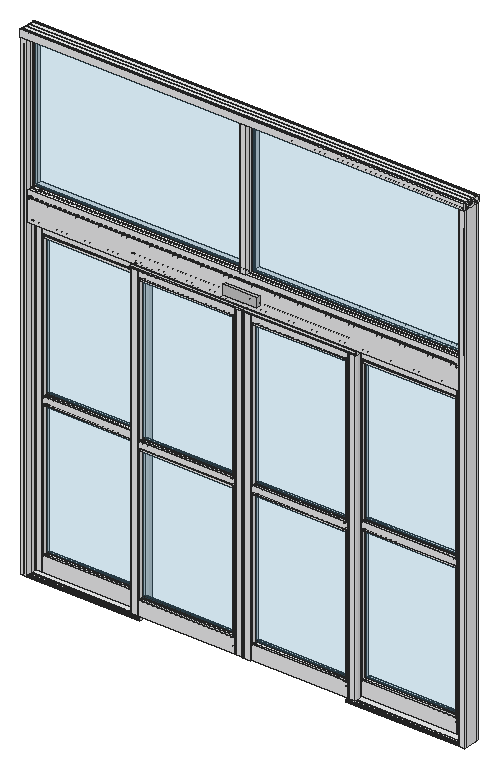
Revit family "2-6-11_Sliding-Door_TX9300SL_Bipart-Inside-Slide-w-Transom-SO-SX-SX-SO_Tormax", category Doors, host Wall, Revit 2026 (continued)
Automatic sketch dimensions
  Sweep 3 sketch curve to Sweep 3 sketch curve = 0' - 0.04932"
  Sweep 3 sketch curve to Sweep 3 sketch curve = 0' - 0.01005"
  Sweep 3 sketch curve to Sweep 3 sketch curve = 0' - 0.07715"
  Sweep 3 sketch curve to Sweep 3 sketch curve = 0' - 0.03086"
  Sweep 3 sketch curve to Sweep 3 sketch curve = 0' - 0.12484"
  Sweep 4 sketch curve to plane 12 = 0' - 0"
  Sweep 4 sketch curve to plane 1 "Center (Front/Back)" = 0' - 2 1/4"
  Sweep 4 sketch curve to profile plane = 0' - 0.12472"
  Sweep 4 sketch curve to Sweep 4 sketch curve = 0' - 0.12617"  (x4)
  Sweep 4 sketch curve to Sweep 4 sketch curve = 0' - 0.22432"  (x2)
  Sweep 4 sketch curve to Sweep 4 sketch curve = 0' - 0.08144"  (x4)
  Sweep 4 sketch curve to Sweep 4 sketch curve = 0' - 0.00293"  (x2)
  Sweep 4 sketch curve to Sweep 4 sketch curve = 0' - 0.04323"
  Sweep 4 sketch curve to Sweep 4 sketch curve = 0' - 0.04616"
  Sweep 4 sketch curve to Sweep 4 sketch curve = 0' - 0.06108"  (x2)
  Sweep 4 sketch curve to Sweep 4 sketch curve = 0' - 0.04812"  (x3)
  Sweep 4 sketch curve to Sweep 4 sketch curve = 0' - 0.05475"  (x3)
  Sweep 4 sketch curve to Sweep 4 sketch curve = 0' - 0.04525"  (x2)
  Sweep 4 sketch curve to Sweep 4 sketch curve = 0' - 0.09429"
  Sweep 4 sketch curve to Sweep 4 sketch curve = 0' - 0.05567"  (x3)
  Sweep 4 sketch curve to profile plane = 0' - 0.37695"  (x2)
  Sweep 4 sketch curve to Sweep 4 sketch curve = 0' - 0.01262"  (x2)
  Sweep 4 sketch curve to profile plane = 0' - 0.22167"  (x2)
  Sweep 4 sketch curve to Sweep 4 sketch curve = 0' - 0.03212"  (x2)
  Sweep 4 sketch curve to Sweep 4 sketch curve = 0' - 0.03356"  (x8)
  Sweep 4 sketch curve to Sweep 4 sketch curve = 0' - 0.03554"  (x3)
  Sweep 4 sketch curve to Sweep 4 sketch curve = 0' - 0.06766"  (x3)
  Sweep 4 sketch curve to profile plane = 0' - 0.35252"  (x2)
  Sweep 4 sketch curve to plane 1 "Center (Front/Back)" = 0' - 1.01125"  (x2)
  Sweep 4 sketch curve to Sweep 4 sketch curve = 0' - 0.12989"  (x2)
  Sweep 4 sketch curve to Sweep 4 sketch curve = 0' - 0.02268"  (x2)
  Sweep 4 sketch curve to Sweep 4 sketch curve = 0' - 0.10221"  (x2)
  Sweep 4 sketch curve to Sweep 4 sketch curve = 0' - 0.10961"  (x2)
  Sweep 4 sketch curve to Sweep 4 sketch curve = 0' - 0.02702"  (x4)
  Sweep 4 sketch curve to Sweep 4 sketch curve = 0' - 0.09386"  (x2)
  Sweep 4 sketch curve to Sweep 4 sketch curve = 0' - 0.06396"  (x2)
  Sweep 4 sketch curve to Sweep 4 sketch curve = 0' - 0.00718"  (x2)
  plane 1 "Center (Front/Back)" to Sweep 4 sketch curve = 0' - 0.55418"  (x2)
  Sweep 4 sketch curve to profile plane = 0' - 0.07235"  (x2)
  Sweep 4 sketch curve to Sweep 4 sketch curve = 0' - 0.084"  (x2)
  Sweep 4 sketch curve to Sweep 4 sketch curve = 0' - 0.02262"  (x2)
  plane 1 "Center (Front/Back)" to Sweep 4 sketch curve = 0' - 0.66591"
  Sweep 4 sketch curve to Sweep 4 sketch curve = 0' - 0.0051"
  Sweep 4 sketch curve to Sweep 4 sketch curve = 0' - 0.00737"
  Sweep 4 sketch curve to Sweep 4 sketch curve = 0' - 0.02998"
  Sweep 4 sketch curve to Sweep 4 sketch curve = 0' - 0.05614"  (x2)
  Sweep 4 sketch curve to Sweep 4 sketch curve = 0' - 0.0365"
  Sweep 4 sketch curve to Sweep 4 sketch curve = 0' - 0.09038"
  Sweep 4 sketch curve to Sweep 4 sketch curve = 0' - 0.10049"  (x2)
  Sweep 4 sketch curve to Sweep 4 sketch curve = 0' - 0.137"
  Sweep 4 sketch curve to Sweep 4 sketch curve = 0' - 0.12489"  (x2)
  Sweep 4 sketch curve to Sweep 4 sketch curve = 0' - 0.1522"  (x2)
  Sweep 4 sketch curve to Sweep 4 sketch curve = 0' - 0.72471"  (x2)
  Sweep 4 sketch curve to Sweep 4 sketch curve = 0' - 0.01209"  (x2)
  Sweep 4 sketch curve to Sweep 4 sketch curve = 0' - 0.04643"  (x2)
  Sweep 4 sketch curve to Sweep 4 sketch curve = 0' - 0.05307"  (x2)
  Sweep 4 sketch curve to Sweep 4 sketch curve = 0' - 0.05852"  (x2)
  Sweep 4 sketch curve to Sweep 4 sketch curve = 0' - 0.04545"
  Sweep 4 sketch curve to Sweep 4 sketch curve = 0' - 0.04168"  (x3)
  Sweep 4 sketch curve to Sweep 4 sketch curve = 0' - 0.05619"
  Sweep 4 sketch curve to Sweep 4 sketch curve = 0' - 0.01074"
  Sweep 4 sketch curve to Sweep 4 sketch curve = 0' - 0"  (x3)
  Sweep 4 sketch curve to Sweep 4 sketch curve = 0' - 0.03079"  (x3)
  Sweep 4 sketch curve to Sweep 4 sketch curve = 0' - 0.01009"  (x2)
  Sweep 4 sketch curve to Sweep 4 sketch curve = 0' - 0.02159"
  Sweep 4 sketch curve to Sweep 4 sketch curve = 0' - 0.00194"  (x4)
  Sweep 4 sketch curve to Sweep 4 sketch curve = 0' - 0.0189"  (x4)
  Sweep 4 sketch curve to Sweep 4 sketch curve = 0' - 0.4818"
  Sweep 4 sketch curve to Sweep 4 sketch curve = 0' - 0.10192"  (x2)
  Sweep 4 sketch curve to Sweep 4 sketch curve = 0' - 0.09364"
  Sweep 4 sketch curve to Sweep 4 sketch curve = 0' - 0.36106"
  Sweep 4 sketch curve to Sweep 4 sketch curve = 0' - 0.35983"
  Sweep 4 sketch curve to Sweep 4 sketch curve = 0' - 0.03645"
  Sweep 4 sketch curve to Sweep 4 sketch curve = 0' - 0.03522"
  Sweep 4 sketch curve to Sweep 4 sketch curve = 0' - 0.06528"  (x3)
  Sweep 4 sketch curve to Sweep 4 sketch curve = 0' - 0.10172"
  Sweep 4 sketch curve to Sweep 4 sketch curve = 0' - 0.12477"  (x3)
  Sweep 4 sketch curve to Sweep 4 sketch curve = 0' - 0.04004"  (x2)
  Sweep 4 sketch curve to Sweep 4 sketch curve = 0' - 0.04199"  (x2)
  Sweep 4 sketch curve to Sweep 4 sketch curve = 0' - 0.09257"
  Sweep 4 sketch curve to Sweep 4 sketch curve = 0' - 0.09452"
  Sweep 4 sketch curve to Sweep 4 sketch curve = 0' - 0.12648"  (x2)
  Sweep 4 sketch curve to Sweep 4 sketch curve = 0' - 0.50765"
  Sweep 4 sketch curve to Sweep 4 sketch curve = 0' - 0.0074"
  Sweep 4 sketch curve to Sweep 4 sketch curve = 0' - 0.37695"  (x2)
  Sweep 4 sketch curve to Sweep 4 sketch curve = 0' - 0.01222"  (x2)
  Sweep 4 sketch curve to Sweep 4 sketch curve = 0' - 0.13085"  (x2)
  Sweep 4 sketch curve to Sweep 4 sketch curve = 0' - 0.03235"  (x2)
  Sweep 4 sketch curve to Sweep 4 sketch curve = 0' - 0.12472"  (x2)
  Sweep 4 sketch curve to Sweep 4 sketch curve = 0' - 0.04088"
  Sweep 4 sketch curve to Sweep 4 sketch curve = 0' - 0.13043"
  Sweep 5 sketch curve to plane 1 "Center (Front/Back)" = 0' - 0.72205"  (x2)
  Sweep 5 sketch curve to Sweep 5 sketch curve = 0' - 0.15082"  (x4)
  Sweep 5 sketch curve to Sweep 5 sketch curve = 0' - 0.06396"  (x4)
  plane 1 "Center (Front/Back)" to Sweep 5 sketch curve = 0' - 0.50727"  (x2)
  Sweep 5 sketch curve to Sweep 5 sketch curve = 0' - 0.05846"  (x3)
  Sweep 5 sketch curve to Sweep 5 sketch curve = 0' - 0"  (x3)
  Sweep 5 sketch curve to Sweep 5 sketch curve = 0' - 0.26615"  (x4)
  Sweep 6 sketch curve to plane 16 = 0' - 0"
  plane 17 to Sweep 6 sketch curve = 0' - 0"
  plane 1 "Center (Front/Back)" to Sweep 6 sketch curve = 0' - 1.93279"
  Sweep 6 sketch curve to profile plane = 0' - 6.37515"
  Sweep 6 sketch curve to Sweep 6 sketch curve = 0' - 0.02177"
  plane 1 "Center (Front/Back)" to Sweep 6 sketch curve = 0' - 2.09711"
  Sweep 6 sketch curve to Sweep 6 sketch curve = 0' - 0.01885"
  plane 1 "Center (Front/Back)" to Sweep 6 sketch curve = 0' - 1.99896"
  Sweep 6 sketch curve to Sweep 6 sketch curve = 0' - 0.05666"
  Sweep 6 sketch curve to Sweep 6 sketch curve = 0' - 0.01279"
  Sweep 6 sketch curve to Sweep 6 sketch curve = 0' - 0.01477"
  plane 1 "Center (Front/Back)" to Sweep 6 sketch curve = 0' - 1.80795"
  Sweep 6 sketch curve to Sweep 6 sketch curve = 0' - 0.12485"
  Sweep 6 sketch curve to Sweep 6 sketch curve = 0' - 0 1/8"  (x7)
  Sweep 6 sketch curve to Sweep 6 sketch curve = 0' - 0"  (x5)
  Sweep 6 sketch curve to Sweep 6 sketch curve = 0' - 0.29648"
  Sweep 6 sketch curve to Sweep 6 sketch curve = 0' - 0.12586"
  Sweep 6 sketch curve to Sweep 6 sketch curve = 0' - 0.17216"
  Sweep 6 sketch curve to Sweep 6 sketch curve = 0' - 0.62563"
  Sweep 6 sketch curve to Sweep 6 sketch curve = 0' - 0.15607"
  Sweep 6 sketch curve to Sweep 6 sketch curve = 0' - 0.03666"
  Sweep 6 sketch curve to plane 1 "Center (Front/Back)" = 0' - 0.5574"
  Sweep 6 sketch curve to Sweep 6 sketch curve = 0' - 0.4288"  (x2)
  plane 1 "Center (Front/Back)" to Sweep 6 sketch curve = 0' - 0.5574"
  plane 1 "Center (Front/Back)" to Sweep 6 sketch curve = 0' - 0.70193"
  Sweep 6 sketch curve to Sweep 6 sketch curve = 0' - 0.04334"  (x2)
  Sweep 6 sketch curve to plane 1 "Center (Front/Back)" = 0' - 0.70193"
  Sweep 6 sketch curve to Sweep 6 sketch curve = 0' - 0.02874"  (x2)
  Sweep 6 sketch curve to Sweep 6 sketch curve = 0' - 0.03"  (x2)
  Sweep 6 sketch curve to Sweep 6 sketch curve = 0' - 0.01117"
  plane 1 "Center (Front/Back)" to Sweep 6 sketch curve = 0' - 0.4768"
  Sweep 6 sketch curve to Sweep 6 sketch curve = 0' - 0.12598"  (x2)
  Sweep 6 sketch curve to plane 1 "Center (Front/Back)" = 0' - 0.4768"
  Sweep 6 sketch curve to Sweep 6 sketch curve = 0' - 0 9/256"  (x2)
  Sweep 6 sketch curve to plane 1 "Center (Front/Back)" = 0' - 0.81302"
  Sweep 6 sketch curve to Sweep 6 sketch curve = 0' - 0.01061"
  Sweep 6 sketch curve to plane 1 "Center (Front/Back)" = 0' - 0.1755"
  Sweep 6 sketch curve to Sweep 6 sketch curve = 0' - 0.05155"  (x2)
  plane 1 "Center (Front/Back)" to Sweep 6 sketch curve = 0' - 0.1755"
  Sweep 6 sketch curve to Sweep 6 sketch curve = 0' - 0.09638"
  plane 1 "Center (Front/Back)" to Sweep 6 sketch curve = 0' - 0.198"
  Sweep 6 sketch curve to Sweep 6 sketch curve = 0' - 0.03415"  (x2)
  Sweep 6 sketch curve to plane 1 "Center (Front/Back)" = 0' - 0.91763"
  Sweep 6 sketch curve to Sweep 6 sketch curve = 0' - 0.1046"
  plane 1 "Center (Front/Back)" to Sweep 6 sketch curve = 0' - 0.07676"
  Sweep 6 sketch curve to Sweep 6 sketch curve = 0' - 0.06597"  (x2)
  Sweep 6 sketch curve to plane 1 "Center (Front/Back)" = 0' - 0.07676"
  Sweep 6 sketch curve to Sweep 6 sketch curve = 0' - 0.01404"  (x4)
  Sweep 6 sketch curve to plane 1 "Center (Front/Back)" = 0' - 0.10524"
  plane 1 "Center (Front/Back)" to Sweep 6 sketch curve = 0' - 0.10524"
  Sweep 6 sketch curve to Sweep 6 sketch curve = 0' - 0.1111"
  Sweep 6 sketch curve to Sweep 6 sketch curve = 0' - 0.9814"
  Sweep 6 sketch curve to Sweep 6 sketch curve = 0' - 0.05012"
  Sweep 6 sketch curve to Sweep 6 sketch curve = 0' - 0.16615"  (x2)
  plane 1 "Center (Front/Back)" to Sweep 6 sketch curve = 0' - 0.89192"
  Sweep 6 sketch curve to Sweep 6 sketch curve = 0' - 0.03237"  (x2)
  Sweep 6 sketch curve to plane 1 "Center (Front/Back)" = 0' - 0.89192"
  Sweep 6 sketch curve to plane 1 "Center (Front/Back)" = 0' - 0.13464"
  Sweep 6 sketch curve to Sweep 6 sketch curve = 0' - 0 27/256"  (x2)
  plane 1 "Center (Front/Back)" to Sweep 6 sketch curve = 0' - 0.13464"
  Sweep 6 sketch curve to plane 1 "Center (Front/Back)" = 0' - 0.03765"
  Sweep 6 sketch curve to Sweep 6 sketch curve = 0' - 0.00691"
  plane 1 "Center (Front/Back)" to Sweep 6 sketch curve = 0' - 0.03765"
  Sweep 6 sketch curve to Sweep 6 sketch curve = 0' - 0.02047"  (x4)
  plane 1 "Center (Front/Back)" to Sweep 6 sketch curve = 0' - 0.06635"
  Sweep 6 sketch curve to plane 1 "Center (Front/Back)" = 0' - 0.06635"
  Sweep 6 sketch curve to Sweep 6 sketch curve = 0' - 0.34663"
  Sweep 6 sketch curve to Sweep 6 sketch curve = 0' - 0.24384"
  Sweep 6 sketch curve to Sweep 6 sketch curve = 0' - 0.03405"
  Sweep 6 sketch curve to Sweep 6 sketch curve = 0' - 0.07004"
  Sweep 6 sketch curve to Sweep 6 sketch curve = 0' - 0.71308"
  Sweep 6 sketch curve to Sweep 6 sketch curve = 0' - 0.06289"
  Sweep 6 sketch curve to Sweep 6 sketch curve = 0' - 0.01808"  (x2)
  Sweep 6 sketch curve to Sweep 6 sketch curve = 0' - 0.05878"
  Sweep 6 sketch curve to Sweep 6 sketch curve = 0' - 0.03581"  (x2)
  Sweep 6 sketch curve to Sweep 6 sketch curve = 0' - 0.00458"
  Sweep 6 sketch curve to Sweep 6 sketch curve = 0' - 0.06336"
  Sweep 6 sketch curve to Sweep 6 sketch curve = 0' - 0.06467"
  Sweep 6 sketch curve to Sweep 6 sketch curve = 0' - 0.12548"
  Sweep 6 sketch curve to Sweep 6 sketch curve = 0' - 0.07853"
  Sweep 6 sketch curve to Sweep 6 sketch curve = 0' - 1.12104"
  plane 21 to Sweep 7 sketch curve = 0' - 1.75016"
  plane 1 "Center (Front/Back)" to Sweep 7 sketch curve = 0' - 0.10524"  (x2)
  Sweep 7 sketch curve to Sweep 7 sketch curve = 0' - 0.13999"
  Sweep 7 sketch curve to plane 1 "Center (Front/Back)" = 0' - 0.10524"  (x2)
  Sweep 7 sketch curve to Sweep 7 sketch curve = 0' - 0"  (x7)
  Sweep 7 sketch curve to Sweep 7 sketch curve = 0' - 0.01404"  (x8)
  Sweep 7 sketch curve to plane 1 "Center (Front/Back)" = 0' - 0.07676"  (x2)
  plane 1 "Center (Front/Back)" to Sweep 7 sketch curve = 0' - 0.07676"  (x2)
  Sweep 7 sketch curve to Sweep 7 sketch curve = 0' - 0.09406"  (x4)
  Sweep 7 sketch curve to plane 1 "Center (Front/Back)" = 0' - 0.198"
  plane 1 "Center (Front/Back)" to Sweep 7 sketch curve = 0' - 0.1755"  (x2)
  Sweep 7 sketch curve to Sweep 7 sketch curve = 0' - 0.03415"  (x4)
  Sweep 7 sketch curve to plane 1 "Center (Front/Back)" = 0' - 0.1755"  (x2)
  plane 1 "Center (Front/Back)" to Sweep 7 sketch curve = 0' - 0.4768"  (x2)
  Sweep 7 sketch curve to Sweep 7 sketch curve = 0' - 0.0857"  (x4)
  Sweep 7 sketch curve to plane 1 "Center (Front/Back)" = 0' - 0.4768"  (x2)
  Sweep 7 sketch curve to Sweep 7 sketch curve = 0' - 0.02391"  (x4)
  Sweep 7 sketch curve to Sweep 7 sketch curve = 0' - 0.03"  (x4)
  Sweep 7 sketch curve to plane 1 "Center (Front/Back)" = 0' - 0.70193"  (x2)
  Sweep 7 sketch curve to Sweep 7 sketch curve = 0' - 0.02874"  (x4)
  plane 1 "Center (Front/Back)" to Sweep 7 sketch curve = 0' - 0.70193"  (x2)
  Sweep 7 sketch curve to plane 1 "Center (Front/Back)" = 0' - 0.5574"  (x2)
  Sweep 7 sketch curve to Sweep 7 sketch curve = 0' - 0.10207"  (x4)
  plane 1 "Center (Front/Back)" to Sweep 7 sketch curve = 0' - 0.5574"  (x2)
  plane 1 "Center (Front/Back)" to Sweep 7 sketch curve = 0' - 0.198"  (x2)
  Sweep 7 sketch curve to Sweep 7 sketch curve = 0' - 0.16615"  (x4)
  plane 1 "Center (Front/Back)" to Sweep 7 sketch curve = 0' - 0.89192"  (x2)
  Sweep 7 sketch curve to Sweep 7 sketch curve = 0' - 0.03237"  (x7)
  Sweep 7 sketch curve to plane 1 "Center (Front/Back)" = 0' - 0.89192"  (x2)
  plane 1 "Center (Front/Back)" to Sweep 7 sketch curve = 0' - 0.13464"  (x2)
  Sweep 7 sketch curve to Sweep 7 sketch curve = 0' - 0 27/256"  (x4)
  Sweep 7 sketch curve to plane 1 "Center (Front/Back)" = 0' - 0.13464"  (x2)
  plane 1 "Center (Front/Back)" to Sweep 7 sketch curve = 0' - 0.03765"  (x2)
  Sweep 7 sketch curve to Sweep 7 sketch curve = 0' - 0.00691"
  Sweep 7 sketch curve to plane 1 "Center (Front/Back)" = 0' - 0.03765"  (x2)
  Sweep 7 sketch curve to Sweep 7 sketch curve = 0' - 0.02047"  (x8)
  Sweep 7 sketch curve to plane 1 "Center (Front/Back)" = 0' - 0.06635"  (x2)
  plane 1 "Center (Front/Back)" to Sweep 7 sketch curve = 0' - 0.06635"  (x2)
  plane 1 "Center (Front/Back)" to Sweep 7 sketch curve = 0' - 0.06492"  (x2)
  profile plane to Sweep 7 sketch curve = 0' - 1.04558"
  Sweep 7 sketch curve to plane 1 "Center (Front/Back)" = 0' - 0.06492"  (x2)
  Sweep 7 sketch curve to Sweep 7 sketch curve = 0' - 0.0204"  (x8)
  plane 1 "Center (Front/Back)" to Sweep 7 sketch curve = 0' - 0.03633"  (x2)
  Sweep 7 sketch curve to plane 1 "Center (Front/Back)" = 0' - 0.03633"  (x2)
  Sweep 7 sketch curve to plane 1 "Center (Front/Back)" = 0' - 0.13295"  (x2)
  Sweep 7 sketch curve to Sweep 7 sketch curve = 0' - 0.04768"  (x2)
  plane 1 "Center (Front/Back)" to Sweep 7 sketch curve = 0' - 0.13295"  (x2)
  Sweep 7 sketch curve to plane 1 "Center (Front/Back)" = 0' - 0.14301"  (x2)
  Sweep 7 sketch curve to Sweep 7 sketch curve = 0' - 0.06787"  (x4)
  plane 1 "Center (Front/Back)" to Sweep 7 sketch curve = 0' - 0.14301"  (x2)
  Sweep 7 sketch curve to Sweep 7 sketch curve = 0' - 0.0293"  (x2)
  profile plane to Sweep 7 sketch curve = 0' - 0.86836"
  Sweep 7 sketch curve to Sweep 7 sketch curve = 0' - 0.10198"  (x4)
  Sweep 7 sketch curve to Sweep 7 sketch curve = 0' - 0 1/16"  (x4)
  Sweep 7 sketch curve to plane 1 "Center (Front/Back)" = 0' - 0.10366"  (x2)
  Sweep 7 sketch curve to Sweep 7 sketch curve = 0' - 0.10072"  (x4)
  plane 1 "Center (Front/Back)" to Sweep 7 sketch curve = 0' - 0.10366"  (x2)
  Sweep 7 sketch curve to Sweep 7 sketch curve = 0' - 0.01399"  (x8)
  plane 1 "Center (Front/Back)" to Sweep 7 sketch curve = 0' - 0.07529"  (x2)
  Sweep 7 sketch curve to plane 1 "Center (Front/Back)" = 0' - 0.07529"  (x2)
  Sweep 7 sketch curve to Sweep 7 sketch curve = 0' - 0.0937"  (x2)
  Sweep 7 sketch curve to plane 1 "Center (Front/Back)" = 0' - 0.17365"  (x2)
  Sweep 7 sketch curve to Sweep 7 sketch curve = 0' - 0.03402"  (x4)
  plane 1 "Center (Front/Back)" to Sweep 7 sketch curve = 0' - 0.17365"  (x2)
  Sweep 7 sketch curve to Sweep 7 sketch curve = 0' - 0.24408"  (x4)
  Sweep 7 sketch curve to Sweep 7 sketch curve = 0' - 0.02726"  (x2)
  Sweep 7 sketch curve to Sweep 7 sketch curve = 0' - 0.06859"  (x3)
  Sweep 7 sketch curve to Sweep 7 sketch curve = 0' - 0.09586"  (x3)
  Sweep 7 sketch curve to Sweep 7 sketch curve = 0' - 0.2011"  (x3)
  Sweep 7 sketch curve to Sweep 7 sketch curve = 0' - 0.0797"  (x6)
  Sweep 7 sketch curve to profile plane = 0' - 0.18513"
  Sweep 7 sketch curve to Sweep 7 sketch curve = 0' - 0.06509"
  Sweep 7 sketch curve to Sweep 7 sketch curve = 0' - 0.06572"  (x2)
  Sweep 7 sketch curve to Sweep 7 sketch curve = 0' - 0.00689"
  Sweep 7 sketch curve to Sweep 7 sketch curve = 0' - 0.17947"
  Sweep 7 sketch curve to Sweep 7 sketch curve = 0' - 0.04786"  (x2)
  Sweep 7 sketch curve to Sweep 7 sketch curve = 0' - 0.76699"  (x2)
  Sweep 7 sketch curve to Sweep 7 sketch curve = 0' - 0.01808"  (x8)
  Sweep 7 sketch curve to Sweep 7 sketch curve = 0' - 0.0219"  (x3)
  Sweep 7 sketch curve to Sweep 7 sketch curve = 0' - 1.24056"  (x2)
  Sweep 7 sketch curve to Sweep 7 sketch curve = 0' - 0.06211"  (x2)
  Sweep 7 sketch curve to Sweep 7 sketch curve = 0' - 0.09757"  (x2)
  Sweep 7 sketch curve to Sweep 7 sketch curve = 0' - 0.03581"  (x3)
  Sweep 7 sketch curve to Sweep 7 sketch curve = 0' - 0.20052"  (x4)
  Sweep 7 sketch curve to Sweep 7 sketch curve = 0' - 0.06336"
  Sweep 7 sketch curve to Sweep 7 sketch curve = 0' - 0.05306"  (x2)
  plane 1 "Center (Front/Back)" to Sweep 7 sketch curve = 0' - 0.07154"  (x2)
  Sweep 7 sketch curve to Sweep 7 sketch curve = 0' - 0.35804"  (x2)
  Sweep 7 sketch curve to Sweep 7 sketch curve = 0' - 0.23442"
  Sweep 7 sketch curve to Sweep 7 sketch curve = 0' - 0.05759"  (x2)
  Sweep 9 sketch curve to plane 11 "4" = 0' - 0"
  plane 1 "Center (Front/Back)" to Sweep 9 sketch curve = 0' - 0.198"
  Sweep 9 sketch curve to Sweep 9 sketch curve = 0' - 0.02616"
  Sweep 9 sketch curve to plane 1 "Center (Front/Back)" = 0' - 0.198"
  Sweep 9 sketch curve to Sweep 9 sketch curve = 0' - 0"  (x4)
  plane 1 "Center (Front/Back)" to Sweep 9 sketch curve = 0' - 0.89192"
  Sweep 9 sketch curve to Sweep 9 sketch curve = 0' - 0.03237"  (x2)
  Sweep 9 sketch curve to plane 1 "Center (Front/Back)" = 0' - 0.89192"
  Sweep 9 sketch curve to plane 1 "Center (Front/Back)" = 0' - 0.13464"
  Sweep 9 sketch curve to Sweep 9 sketch curve = 0' - 0 27/256"  (x2)
  plane 1 "Center (Front/Back)" to Sweep 9 sketch curve = 0' - 0.13464"
  plane 1 "Center (Front/Back)" to Sweep 9 sketch curve = 0' - 0.03765"
  Sweep 9 sketch curve to Sweep 9 sketch curve = 0' - 0.00691"
  Sweep 9 sketch curve to plane 1 "Center (Front/Back)" = 0' - 0.03765"
  Sweep 9 sketch curve to Sweep 9 sketch curve = 0' - 0.02047"  (x4)
  Sweep 9 sketch curve to plane 1 "Center (Front/Back)" = 0' - 0.06635"
  plane 1 "Center (Front/Back)" to Sweep 9 sketch curve = 0' - 0.06635"
  Sweep 9 sketch curve to Sweep 9 sketch curve = 0' - 0.08"  (x12)
  Sweep 9 sketch curve to Sweep 9 sketch curve = 0' - 0.05043"  (x2)
  Sweep 9 sketch curve to plane 1 "Center (Front/Back)" = 0' - 0.10524"
  Sweep 9 sketch curve to Sweep 9 sketch curve = 0' - 0.16615"  (x2)
  plane 1 "Center (Front/Back)" to Sweep 9 sketch curve = 0' - 0.10524"
  Sweep 9 sketch curve to Sweep 9 sketch curve = 0' - 0.01404"  (x4)
  Sweep 9 sketch curve to plane 1 "Center (Front/Back)" = 0' - 0.07676"
  plane 1 "Center (Front/Back)" to Sweep 9 sketch curve = 0' - 0.07676"
  Sweep 9 sketch curve to Sweep 9 sketch curve = 0' - 0.13772"  (x2)
  Sweep 9 sketch curve to Sweep 9 sketch curve = 0' - 0.09406"  (x2)
  Sweep 9 sketch curve to plane 1 "Center (Front/Back)" = 0' - 2.13309"
  Sweep 9 sketch curve to Sweep 9 sketch curve = 0' - 0.11387"  (x2)
  Sweep 9 sketch curve to Sweep 9 sketch curve = 0' - 0.0057"
  Sweep 9 sketch curve to Sweep 9 sketch curve = 0' - 0.11957"
  Sweep 9 sketch curve to plane 1 "Center (Front/Back)" = 0' - 0.1755"
  Sweep 9 sketch curve to Sweep 9 sketch curve = 0' - 0.03415"  (x2)
  plane 1 "Center (Front/Back)" to Sweep 9 sketch curve = 0' - 0.1755"
  Sweep 9 sketch curve to Sweep 9 sketch curve = 0' - 0.09078"  (x2)
  Sweep 9 sketch curve to Sweep 9 sketch curve = 0' - 0.00708"  (x2)
  plane 1 "Center (Front/Back)" to Sweep 9 sketch curve = 0' - 0.4768"
  Sweep 9 sketch curve to Sweep 9 sketch curve = 0' - 0.01124"  (x2)
  Sweep 9 sketch curve to plane 1 "Center (Front/Back)" = 0' - 0.4768"
  Sweep 9 sketch curve to Sweep 9 sketch curve = 0' - 0 9/256"  (x2)
  Sweep 9 sketch curve to plane 1 "Center (Front/Back)" = 0' - 2.09227"
  Sweep 9 sketch curve to Sweep 9 sketch curve = 0' - 0.11476"  (x2)
  plane 1 "Center (Front/Back)" to Sweep 9 sketch curve = 0' - 2.09227"
  Sweep 9 sketch curve to Sweep 9 sketch curve = 0' - 0.01197"  (x4)
  Sweep 9 sketch curve to Sweep 9 sketch curve = 0' - 0.03"  (x2)
  plane 1 "Center (Front/Back)" to Sweep 9 sketch curve = 0' - 2.15805"
  Sweep 9 sketch curve to plane 1 "Center (Front/Back)" = 0' - 2.15805"
  Sweep 9 sketch curve to plane 1 "Center (Front/Back)" = 0' - 0.70193"
  Sweep 9 sketch curve to Sweep 9 sketch curve = 0' - 0.02874"  (x2)
  plane 1 "Center (Front/Back)" to Sweep 9 sketch curve = 0' - 0.70193"
  Sweep 9 sketch curve to plane 1 "Center (Front/Back)" = 0' - 0.5574"
  Sweep 9 sketch curve to Sweep 9 sketch curve = 0' - 0.10207"  (x2)
  plane 1 "Center (Front/Back)" to Sweep 9 sketch curve = 0' - 0.5574"
  Sweep 9 sketch curve to Sweep 9 sketch curve = 0' - 0.58177"
  Sweep 9 sketch curve to Sweep 9 sketch curve = 0' - 1.2245"
  Sweep 9 sketch curve to Sweep 9 sketch curve = 0' - 0 1/8"  (x3)
  Sweep 9 sketch curve to Sweep 9 sketch curve = 0' - 0.11691"  (x2)
  Sweep 9 sketch curve to Sweep 9 sketch curve = 0' - 0.18695"
  Sweep 9 sketch curve to Sweep 9 sketch curve = 0' - 0.22"  (x2)
  Sweep 9 sketch curve to Sweep 9 sketch curve = 0' - 0 3/8"  (x2)
  Sweep 9 sketch curve to Sweep 9 sketch curve = 0' - 0.04353"
  Sweep 9 sketch curve to Sweep 9 sketch curve = 0' - 0.01808"  (x2)
  Sweep 9 sketch curve to Sweep 9 sketch curve = 0' - 0.13557"
  Sweep 9 sketch curve to Sweep 9 sketch curve = 0' - 0.06419"
  Sweep 9 sketch curve to Sweep 9 sketch curve = 0' - 0.03581"  (x2)
  Sweep 9 sketch curve to plane 1 "Center (Front/Back)" = 0' - 0.58"
  plane 1 "Center (Front/Back)" to Sweep 9 sketch curve = 0' - 0 1/2"
  Sweep 9 sketch curve to Sweep 9 sketch curve = 0' - 0.2001"
  Sweep 9 sketch curve to Sweep 9 sketch curve = 0' - 0.09794"
  Sweep 9 sketch curve to Sweep 9 sketch curve = 0' - 1.05249"
  Sweep 9 sketch curve to Sweep 9 sketch curve = 0' - 0.04081"
  Sweep 10 sketch curve to profile plane = 0' - 0"  (x4)
  Sweep 10 sketch curve to Sweep 10 sketch curve = 0' - 0"  (x7)
  Sweep 10 sketch curve to Sweep 10 sketch curve = 0' - 0 1/2"  (x2)
  Sweep 10 sketch curve to Sweep 10 sketch curve = 0' - 0.14181"  (x2)
  Sweep 10 sketch curve to Sweep 10 sketch curve = 0' - 0 1/4"  (x3)
  Sweep 10 sketch curve to plane 1 "Center (Front/Back)" = 0' - 0.021"
  Sweep 10 sketch curve to Sweep 10 sketch curve = 0' - 0.135"  (x2)
  Sweep 10 sketch curve to Sweep 10 sketch curve = 0' - 0.01316"  (x2)
  Sweep 10 sketch curve to Sweep 10 sketch curve = 0' - 0.09"  (x2)
  Sweep 10 sketch curve to Sweep 10 sketch curve = 0' - 0.07319"  (x2)
  Sweep 10 sketch curve to Sweep 10 sketch curve = 0' - 0.0342"  (x2)
  Sweep 10 sketch curve to Sweep 10 sketch curve = 0' - 0.05696"
  Sweep 10 sketch curve to Sweep 10 sketch curve = 0' - 0.07819"  (x2)
  Sweep 10 sketch curve to Sweep 10 sketch curve = 0' - 0.07841"  (x3)
  Sweep 10 sketch curve to Sweep 10 sketch curve = 0' - 0.12724"
  Sweep 10 sketch curve to Sweep 10 sketch curve = 0' - 0.26659"
  Sweep 10 sketch curve to Sweep 10 sketch curve = 0' - 0.2"  (x4)
  Sweep 10 sketch curve to Sweep 10 sketch curve = 0' - 0.3"  (x2)
  plane 1 "Center (Front/Back)" to Sweep 10 sketch curve = 0' - 0.279"
  Sweep 10 sketch curve to Sweep 10 sketch curve = 0' - 0.18097"
  Sweep 10 sketch curve to Sweep 10 sketch curve = 0' - 0.217"  (x3)
  Sweep 10 sketch curve to Sweep 10 sketch curve = 0' - 0.1265"  (x2)
  Sweep 10 sketch curve to Sweep 10 sketch curve = 0' - 0.18061"
  Sweep 10 sketch curve to Sweep 10 sketch curve = 0' - 0.02123"
  profile plane to Sweep 11 sketch curve = 0' - 0"  (x7)
  Sweep 11 sketch curve to profile plane = 0' - 0.1158"  (x2)
  Sweep 11 sketch curve to Sweep 11 sketch curve = 0' - 0.0342"  (x2)
  Sweep 11 sketch curve to profile plane = 0' - 0.16"  (x2)
  Sweep 11 sketch curve to Sweep 11 sketch curve = 0' - 0.06003"  (x2)
  Sweep 11 sketch curve to Sweep 11 sketch curve = 0' - 0.07319"  (x2)
  Sweep 11 sketch curve to profile plane = 0' - 0 1/4"
  Sweep 11 sketch curve to Sweep 11 sketch curve = 0' - 0.09"  (x2)
  Sweep 11 sketch curve to Sweep 11 sketch curve = 0' - 0"  (x7)
  Sweep 11 sketch curve to plane 1 "Center (Front/Back)" = 0' - 0.021"
  Sweep 11 sketch curve to Sweep 11 sketch curve = 0' - 0.135"  (x2)
  Sweep 11 sketch curve to Sweep 11 sketch curve = 0' - 0.14181"
  Sweep 11 sketch curve to Sweep 11 sketch curve = 0' - 0.2"  (x4)
  Sweep 11 sketch curve to Sweep 11 sketch curve = 0' - 0.3"  (x3)
  Sweep 11 sketch curve to Sweep 11 sketch curve = 0' - 0 1/2"
  Sweep 11 sketch curve to Sweep 11 sketch curve = 0' - 0.32358"
  Sweep 11 sketch curve to Sweep 11 sketch curve = 0' - 0.12701"  (x2)
  Sweep 11 sketch curve to Sweep 11 sketch curve = 0' - 0.12724"  (x2)
  Sweep 11 sketch curve to Sweep 11 sketch curve = 0' - 0.02123"  (x2)
  Sweep 11 sketch curve to Sweep 11 sketch curve = 0' - 0.05696"  (x2)
  Sweep 11 sketch curve to Sweep 11 sketch curve = 0' - 0.07841"  (x2)
  plane 1 "Center (Front/Back)" to Sweep 11 sketch curve = 0' - 0.279"
  Sweep 11 sketch curve to Sweep 11 sketch curve = 0' - 0.18097"
  Sweep 11 sketch curve to Sweep 11 sketch curve = 0' - 0.217"  (x3)
  Sweep 11 sketch curve to Sweep 11 sketch curve = 0' - 0.1265"  (x2)
  Sweep 11 sketch curve to Sweep 11 sketch curve = 0' - 0.18061"
  plane 10 to curve 21 = 0' - 0.1396"
  curve 22 to plane 15 = 0' - 0.1396"
  Sweep 12 sketch curve to plane 11 "4" = 0' - 0"
  profile plane to Sweep 12 sketch curve = 0' - 0.02597"
  profile plane to Sweep 12 sketch curve = 0' - 0.02668"
  Sweep 12 sketch curve to Sweep 12 sketch curve = 0' - 0.02525"
  Sweep 12 sketch curve to Sweep 12 sketch curve = 0' - 0.07785"
  Sweep 12 sketch curve to Sweep 12 sketch curve = 0' - 0.06663"
  Sweep 12 sketch curve to Sweep 12 sketch curve = 0' - 0.09679"  (x2)
  Sweep 12 sketch curve to Sweep 12 sketch curve = 0' - 0.06818"
  Sweep 12 sketch curve to Sweep 12 sketch curve = 0' - 0.07449"  (x2)
  Sweep 12 sketch curve to Sweep 12 sketch curve = 0' - 0.01809"  (x2)
  Sweep 12 sketch curve to Sweep 12 sketch curve = 0' - 0.13887"  (x2)
  Sweep 12 sketch curve to Sweep 12 sketch curve = 0' - 0.07996"  (x2)
  Sweep 12 sketch curve to Sweep 12 sketch curve = 0' - 0.18376"
  Sweep 12 sketch curve to Sweep 12 sketch curve = 0' - 0.24267"
  Sweep 12 sketch curve to Sweep 12 sketch curve = 0' - 0.101"
  Sweep 12 sketch curve to Sweep 12 sketch curve = 0' - 0.07017"
  Sweep 12 sketch curve to Sweep 12 sketch curve = 0' - 0.15116"
  Sweep 12 sketch curve to Sweep 12 sketch curve = 0' - 0.03644"  (x2)
  Sweep 12 sketch curve to Sweep 12 sketch curve = 0' - 0.13326"
  Sweep 12 sketch curve to Sweep 12 sketch curve = 0' - 0.27634"
  Sweep 12 sketch curve to Sweep 12 sketch curve = 0' - 0.33173"
  Sweep 12 sketch curve to Sweep 12 sketch curve = 0' - 0.02665"
  Sweep 12 sketch curve to Sweep 12 sketch curve = 0' - 0.39978"
  Sweep 12 sketch curve to Sweep 12 sketch curve = 0' - 0.09959"
  Sweep 12 sketch curve to Sweep 12 sketch curve = 0' - 0.59021"
  Sweep 12 sketch curve to Sweep 12 sketch curve = 0' - 0.67612"
  plane 1 "Center (Front/Back)" to Sweep 12 sketch curve = 0' - 1.16007"
  Sweep 12 sketch curve to profile plane = 0' - 2.37204"
  Sweep 12 sketch curve to Sweep 12 sketch curve = 0' - 0.02427"
  Sweep 12 sketch curve to Sweep 12 sketch curve = 0' - 0.36552"
  Sweep 3 sketch curve to Sweep 3 sketch curve = 0' - 0.39757"
  Sweep 3 sketch curve to Sweep 3 sketch curve = 0' - 0.42503"
Nested families (in)
  nested 1: "Door-Sliding-Tormax-Panel-SO" at (-43.0002, 0.98506, 0), type "Door-Sliding-Tormax-Panel-SO"
    with Width 2' - 6 3/8", Height 7' - 1 1/2"
  nested 2: "Door-Sliding-Tormax-Panel-SO" at (43.0002, 0.98506, 0) x (-1, 0, 0) z (0, 0, 1), type "Door-Sliding-Tormax-Panel-SO"
    with Width 2' - 6 3/8", Height 7' - 1 1/2"
  nested 3: "Door-Sliding-Tormax-Panel-SX_2.6" at (-15.25, -1.38997, 0), type "Door-Sliding-Tormax-Panel-SX"
    with Width 2' - 6 3/8", Height 7' - 1 1/2", Door Swing 2' - 5.328"
  nested 4: "Door-Sliding-Tormax-Panel-SX_2.6" at (15.25, -1.38997, 0) x (-1, 0, 0) z (0, 0, 1), type "Door-Sliding-Tormax-Panel-SX"
    with Width 2' - 6 3/8", Height 7' - 1 1/2", Door Swing 2' - 5.328"
Definition of nested family "Door-Sliding-Tormax-Panel-SO"
  Parameters (values of type "Door-Sliding-Tormax-Panel-SO")
    Width = 3' - 5 9/16"
    Thickness = 0' - 1.82"  # constant formula
    Height = 7' - 1"
    Handle Material = none
    Glass = none
    Frame Material = none
    Define Thermal Properties by = 1
    Default Elevation = 0' - 0"
    Analytic Construction = "<None>"
  Reference planes (in)
    plane 1 "Center (Front/Back)": y = 0
    plane 2: z = 0
    plane 3 "Center (Left/Right)": x = 0
    plane 4: z = 85
    plane 5: z = 42
    plane 6: y = 0.12483
    plane 7: y = -0.12517
    plane 8 "Interior": y = -0.91
    plane 9 "Exterior": y = 0.91
    plane 10: x = -20.78125
    plane 11: x = 20.78125
    plane 12: x = -18.65625
    plane 13: x = 18.65625
    plane 14: z = 42.875
    plane 15: z = 41.125
    plane 16: z = 81.875
    plane 17: z = 4.5
    plane 18 "Handle": x = 19.71875
    plane 19: z = 0.5
    plane 20: z = 5
    plane 21: z = 84.875
  Forms (in)
    Sweep 1, solid, material <- "Frame Material"
      path origin (0, 0, 0) x (1, 0, 0) y (0, 0, 1)
        loop
          line (-20.78125, 0.5) -> (-20.78125, 84.875)
      profile origin (-20.78125, 0, 42.6875) x (-1, 0, 0) y (0, -1, 0)
        loop
          line (-2.125, -0.91) -> (-0.14318, -0.91)
          arc (-0.14318, -0.91) -> (-0.12559, -0.85357) -> (-0.10913, -0.79679) r 2.96345
          line (-0.10913, -0.79679) -> (-0.18087, -0.77676) -> (-0.20082, -0.85943) -> (-0.27801, -0.84081) -> (-0.18503, -0.45549) -> (-0.10975, -0.47365) -> (-0.1297, -0.55632) -> (-0.05562, -0.57144)
          arc (-0.05562, -0.57144) -> (0, 0) -> (-0.05562, 0.57144) r 2.96345
          line (-0.05562, 0.57144) -> (-0.1297, 0.55632) -> (-0.10975, 0.47365) -> (-0.18503, 0.45549) -> (-0.27801, 0.84081) -> (-0.20082, 0.85943) -> (-0.18087, 0.77676) -> (-0.10913, 0.79679)
          arc (-0.10913, 0.79679) -> (-0.12559, 0.85357) -> (-0.14318, 0.91) r 2.96345
          line (-0.14318, 0.91) -> (-2.125, 0.91) -> (-2.125, 0.70869) -> (-2.02775, 0.76483) -> (-1.969, 0.76483) -> (-1.969, -0.76483) -> (-2.02717, -0.76483) -> (-2.125, -0.70835) -> (-2.125, -0.91)
        loop
          line (-1.844, -0.76483) -> (-0.33606, -0.76483)
          arc (-0.33606, -0.76483) -> (-0.28778, -0.57356) -> (-0.25342, -0.37931) r 2.73645
          line (-0.25342, -0.37931) -> (-0.15, -0.37931) -> (-0.15, -0.18239) -> (-0.25029, -0.18239) -> (-0.25029, 0.18239) -> (-0.15, 0.18239) -> (-0.15, 0.37931) -> (-0.25342, 0.37931)
          arc (-0.25342, 0.37931) -> (-0.28782, 0.57373) -> (-0.33616, 0.76517) r 2.73645
          line (-0.33616, 0.76517) -> (-1.844, 0.76517) -> (-1.844, -0.76483)
    Sweep 2, solid, material <- "Frame Material"
      path origin (0, 0, 0) x (1, 0, 0) y (0, 0, 1)
        loop
          line (-18.65625, 0) -> (18.65625, 0)
      profile origin (0, 0, 0) x (0, 0, 1) y (0, -1, 0)
        loop
          line (4.5, 0.8749) -> (0.5, 0.8749) -> (0.5, 0.75022) -> (2.06202, 0.75022) -> (2.06202, -0.74981) -> (1.59445, -0.74981) -> (1.30635, -0.4258) -> (0.698, -0.4258) -> (0.698, -0.5258) -> (1.27001, -0.5258) -> (1.27001, -0.76481) -> (0.5, -0.76481) -> (0.5, -0.8749) -> (4.5, -0.8749) -> (4.5, -0.70921) -> (4.39357, -0.77066) -> (4.34406, -0.77066) -> (4.34406, 0.77066) -> (4.39357, 0.77066) -> (4.5, 0.70921) -> (4.5, 0.8749)
        loop
          line (4.21945, -0.71919) -> (4.21945, 0.71919) -> (3.97279, 0.71919) -> (3.97279, 0.75305) -> (3.52125, 0.75305) -> (3.52125, 0.71919) -> (3.26966, 0.71919) -> (3.26966, 0.5938) -> (3.13704, 0.5938) -> (3.13704, 0.7188) -> (2.88641, 0.7188) -> (2.88641, 0.74999) -> (2.43765, 0.74999) -> (2.43765, 0.7188) -> (2.18703, 0.7188) -> (2.18703, -0.7188) -> (2.43765, -0.7188) -> (2.43765, -0.74999) -> (2.88641, -0.74999) -> (2.88641, -0.7188) -> (3.13704, -0.7188) -> (3.13704, -0.5938) -> (3.26966, -0.5938) -> (3.26966, -0.71919) -> (3.52125, -0.71919) -> (3.52125, -0.75305) -> (3.97279, -0.75305) -> (3.97279, -0.71919) -> (4.21945, -0.71919)
        loop
          line (42.875, -0.875) -> (42.875, -0.70777) -> (42.7655, -0.77099) -> (42.719, -0.77099) -> (42.719, 0.77099) -> (42.7655, 0.77099) -> (42.875, 0.70777) -> (42.875, 0.875) -> (41.125, 0.875) -> (41.125, 0.70777) -> (41.2345, 0.77099) -> (41.281, 0.77099) -> (41.281, -0.77099) -> (41.2345, -0.77099) -> (41.125, -0.70777) -> (41.125, -0.875) -> (42.875, -0.875)
        loop
          line (41.65541, -0.729) -> (41.65541, -0.76) -> (42.10469, -0.76) -> (42.10469, -0.729) -> (42.356, -0.729) -> (42.356, -0.519) -> (42.569, -0.519) -> (42.569, 0.519) -> (42.356, 0.519) -> (42.356, 0.729) -> (42.10469, 0.729) -> (42.10469, 0.76) -> (41.65541, 0.76) -> (41.65541, 0.729) -> (41.406, 0.729) -> (41.406, -0.729) -> (41.65541, -0.729)
        loop
          line (81.875, 0.8749) -> (81.875, 0.70921) -> (81.98143, 0.77066) -> (82.0294, 0.77066) -> (82.0294, -0.77066) -> (81.98143, -0.77066) -> (81.875, -0.70921) -> (81.875, -0.8749) -> (84.875, -0.8749) -> (84.875, -0.75002) -> (83.37502, -0.75002) -> (83.37502, 0.74998) -> (84.875, 0.74998) -> (84.875, 0.8749) -> (81.875, 0.8749)
        loop
          line (82.15555, -0.719) -> (82.468, -0.719) -> (82.468, -0.75) -> (82.793, -0.75) -> (82.793, -0.71901) -> (83.10534, -0.71901) -> (83.10534, -0.37501) -> (83.25002, -0.37501) -> (83.25002, 0.37499) -> (83.10534, 0.37499) -> (83.10534, 0.71899) -> (82.79301, 0.71899) -> (82.79301, 0.74999) -> (82.46801, 0.74999) -> (82.46801, 0.719) -> (82.15555, 0.719) -> (82.15555, -0.719)
    Sweep 3, solid, material <- "Frame Material"
      path origin (0, 0, 0) x (1, 0, 0) y (0, 0, 1)
        loop
          line (20.78125, 0.5) -> (20.78125, 84.875)
      profile origin (20.78125, 0, 42.6875) x (-1, 0, 0) y (0, -1, 0)
        loop
          line (2.125, -0.91) -> (2.125, -0.70835) -> (2.02717, -0.76483) -> (1.969, -0.76483) -> (1.969, 0.76483) -> (2.02775, 0.76483) -> (2.125, 0.70869) -> (2.125, 0.91) -> (0.14318, 0.91)
          arc (0.14318, 0.91) -> (0, 0) -> (0.14318, -0.91) r 2.96345
          line (0.14318, -0.91) -> (2.125, -0.91)
        loop
          line (1.844, -0.76483) -> (1.844, 0.76517) -> (0.23008, 0.76517)
          arc (0.23008, 0.76517) -> (0.16526, 0.47637) -> (0.13087, 0.18239) r 2.83845
          line (0.13087, 0.18239) -> (0.25029, 0.18239) -> (0.25029, -0.18239) -> (0.13087, -0.18239)
          arc (0.13087, -0.18239) -> (0.16523, -0.4762) -> (0.22999, -0.76483) r 2.83845
          line (0.22999, -0.76483) -> (1.844, -0.76483)
    Sweep 4, solid, material <- "Frame Material"
      path origin (0, 0, 0) x (1, 0, 0) y (0, 0, 1)
        loop
          line (0, 4.5) -> (0, 41.125)
      profile origin (0, 0, 22.8125) x (-1, 0, 0) y (0, -1, 0)
        loop
          line (-18.65625, -0.87481) -> (-18.15645, -0.87481) -> (-18.15645, -0.20955) -> (-18.12159, -0.20955) -> (-18.06046, -0.09459) -> (-18.08245, -0.07259) -> (-18.15436, -0.12483) -> (-18.36418, -0.12483) -> (-18.36418, -0.20955) -> (-18.5318, -0.20955) -> (-18.5318, -0.13997) -> (-18.61845, -0.13997) -> (-18.61845, 0.13997) -> (-18.5318, 0.13997) -> (-18.5318, 0.20955) -> (-18.36418, 0.20955) -> (-18.36418, 0.12483) -> (-18.15436, 0.12483) -> (-18.08245, 0.07259) -> (-18.06046, 0.09459) -> (-18.12159, 0.20955) -> (-18.15645, 0.20955) -> (-18.15645, 0.87481) -> (-18.65625, 0.87481) -> (-18.65625, 0.66561) -> (-18.75597, 0.66561) -> (-18.75597, 0.76483) -> (-18.80597, 0.76483) -> (-18.80597, 0.6157) -> (-18.69998, 0.6157) -> (-18.57594, 0.49166) -> (-18.57594, 0.32983)
          arc (-18.57594, 0.32983) -> (-18.64136, 0.30274) -> (-18.66845, 0.23732) r 0.09251
          line (-18.66845, 0.23732) -> (-18.66845, 0.1901) -> (-18.81225, 0.1901) -> (-18.81225, 0.13997) -> (-18.66845, 0.13997) -> (-18.66845, -0.13997) -> (-18.81225, -0.13997) -> (-18.81225, -0.1901) -> (-18.68146, -0.1901) -> (-18.68146, -0.25955) -> (-18.46359, -0.25955) -> (-18.46359, -0.4032) -> (-18.20611, -0.4032) -> (-18.20611, -0.8251) -> (-18.60608, -0.8251) -> (-18.60608, -0.65698) -> (-18.72056, -0.65698) -> (-18.72056, -0.70698) -> (-18.65625, -0.70698) -> (-18.65625, -0.87481)
        loop
          line (-18.55619, 0.8251) -> (-18.55619, 0.74143) -> (-18.62235, 0.74143) -> (-18.62235, 0.67847) -> (-18.52594, 0.58206) -> (-18.52594, 0.25099) -> (-18.46359, 0.25099) -> (-18.46359, 0.4032) -> (-18.20611, 0.4032) -> (-18.20611, 0.8251) -> (-18.55619, 0.8251)
        loop
          line (18.65625, -0.87481) -> (18.65625, -0.70698) -> (18.72056, -0.70698) -> (18.72056, -0.65698) -> (18.60608, -0.65698) -> (18.60608, -0.8251) -> (18.20611, -0.8251) -> (18.20611, -0.4032) -> (18.46359, -0.4032) -> (18.46359, -0.25955) -> (18.68146, -0.25955) -> (18.68146, -0.1901) -> (18.81225, -0.1901) -> (18.81225, -0.13997) -> (18.66845, -0.13997) -> (18.66845, 0.13997) -> (18.81225, 0.13997) -> (18.81225, 0.1901) -> (18.66845, 0.1901) -> (18.66845, 0.23732)
          arc (18.66845, 0.23732) -> (18.64136, 0.30274) -> (18.57594, 0.32983) r 0.09251
          line (18.57594, 0.32983) -> (18.57594, 0.49166) -> (18.69998, 0.6157) -> (18.80597, 0.6157) -> (18.80597, 0.76483) -> (18.75597, 0.76483) -> (18.75597, 0.66561) -> (18.65625, 0.66561) -> (18.65625, 0.87481) -> (18.15645, 0.87481) -> (18.15645, 0.20955) -> (18.12159, 0.20955) -> (18.06046, 0.09459) -> (18.08245, 0.07259) -> (18.15436, 0.12483) -> (18.36418, 0.12483) -> (18.36418, 0.20955) -> (18.5318, 0.20955) -> (18.5318, 0.13997) -> (18.61845, 0.13997) -> (18.61845, -0.13997) -> (18.5318, -0.13997) -> (18.5318, -0.20955) -> (18.36418, -0.20955) -> (18.36418, -0.12483) -> (18.15436, -0.12483) -> (18.08245, -0.07259) -> (18.06046, -0.09459) -> (18.12159, -0.20955) -> (18.15645, -0.20955) -> (18.15645, -0.87481) -> (18.65625, -0.87481)
        loop
          line (18.55619, 0.8251) -> (18.20611, 0.8251) -> (18.20611, 0.4032) -> (18.46359, 0.4032) -> (18.46359, 0.25099) -> (18.52594, 0.25099) -> (18.52594, 0.58206) -> (18.62235, 0.67847) -> (18.62235, 0.74143) -> (18.55619, 0.74143) -> (18.55619, 0.8251)
    Extrusion 5, solid, material <- "Glass"
      sketch origin (0, 0, 0) x (1, 0, 0) y (0, 1, 0)
        loop
          line (-18.36418, 0.12483) -> (-18.36418, -0.12517) -> (18.36418, -0.12517) -> (18.36418, 0.12483) -> (-18.36418, 0.12483)
      from 4.60457 to 40.83293
    Sweep 6, solid, material <- "Frame Material"
      path origin (0, 0, 0) x (1, 0, 0) y (0, 0, 1)
        loop
          line (-18.15645, 42) -> (18.15645, 42)
      profile origin (0, 0, 42) x (0, 0, 1) y (0, -1, 0)
        loop
          line (-37.5, -0.87481) -> (-37, -0.87481) -> (-37, -0.20955) -> (-36.96513, -0.20955) -> (-36.90401, -0.09459) -> (-36.926, -0.07259) -> (-36.99791, -0.12483) -> (-37.20772, -0.12483) -> (-37.20772, -0.20955) -> (-37.37535, -0.20955) -> (-37.37535, -0.13997) -> (-37.462, -0.13997) -> (-37.462, 0.13997) -> (-37.37535, 0.13997) -> (-37.37535, 0.20955) -> (-37.20772, 0.20955) -> (-37.20772, 0.12483) -> (-36.99791, 0.12483) -> (-36.926, 0.07259) -> (-36.90401, 0.09459) -> (-36.96513, 0.20955) -> (-37, 0.20955) -> (-37, 0.87481) -> (-37.5, 0.87481) -> (-37.5, 0.66561) -> (-37.59983, 0.66561) -> (-37.59983, 0.76483) -> (-37.64983, 0.76483) -> (-37.64983, 0.6157) -> (-37.54548, 0.6157) -> (-37.41949, 0.48971) -> (-37.41949, 0.32983)
          arc (-37.41949, 0.32983) -> (-37.48491, 0.30274) -> (-37.512, 0.23732) r 0.09251
          line (-37.512, 0.23732) -> (-37.512, 0.1901) -> (-37.6558, 0.1901) -> (-37.6558, 0.13997) -> (-37.512, 0.13997) -> (-37.512, -0.13997) -> (-37.6558, -0.13997) -> (-37.6558, -0.1901) -> (-37.52501, -0.1901) -> (-37.52501, -0.25955) -> (-37.30714, -0.25955) -> (-37.30714, -0.4032) -> (-37.04966, -0.4032) -> (-37.04966, -0.8251) -> (-37.44983, -0.8251) -> (-37.44983, -0.65698) -> (-37.56431, -0.65698) -> (-37.56431, -0.70698) -> (-37.5, -0.70698) -> (-37.5, -0.87481)
        loop
          line (-37.40006, 0.8251) -> (-37.40006, 0.74143) -> (-37.46622, 0.74143) -> (-37.46622, 0.67879) -> (-37.36949, 0.58206) -> (-37.36949, 0.25099) -> (-37.30714, 0.25099) -> (-37.30714, 0.4032) -> (-37.04966, 0.4032) -> (-37.04966, 0.8251) -> (-37.40006, 0.8251)
        loop
          line (-0.875, -0.87481) -> (-0.875, -0.70698) -> (-0.81069, -0.70698) -> (-0.81069, -0.65698) -> (-0.92517, -0.65698) -> (-0.92517, -0.8251) -> (-1.32514, -0.8251) -> (-1.32514, -0.4032) -> (-1.06766, -0.4032) -> (-1.06766, -0.25955) -> (-0.84979, -0.25955) -> (-0.84979, -0.1901) -> (-0.719, -0.1901) -> (-0.719, -0.13997) -> (-0.8628, -0.13997) -> (-0.8628, 0.13997) -> (-0.719, 0.13997) -> (-0.719, 0.1901) -> (-0.8628, 0.1901) -> (-0.8628, 0.23732)
          arc (-0.8628, 0.23732) -> (-0.88989, 0.30274) -> (-0.95531, 0.32983) r 0.09251
          line (-0.95531, 0.32983) -> (-0.95531, 0.49166) -> (-0.83127, 0.6157) -> (-0.72528, 0.6157) -> (-0.72528, 0.76483) -> (-0.77528, 0.76483) -> (-0.77528, 0.66561) -> (-0.875, 0.66561) -> (-0.875, 0.87481) -> (-1.3748, 0.87481) -> (-1.3748, 0.20955) -> (-1.40966, 0.20955) -> (-1.47079, 0.09459) -> (-1.4488, 0.07259) -> (-1.37689, 0.12483) -> (-1.16707, 0.12483) -> (-1.16707, 0.20955) -> (-0.99945, 0.20955) -> (-0.99945, 0.13997) -> (-0.9128, 0.13997) -> (-0.9128, -0.13997) -> (-0.99945, -0.13997) -> (-0.99945, -0.20955) -> (-1.16707, -0.20955) -> (-1.16707, -0.12483) -> (-1.37689, -0.12483) -> (-1.4488, -0.07259) -> (-1.47079, -0.09459) -> (-1.40966, -0.20955) -> (-1.3748, -0.20955) -> (-1.3748, -0.87481) -> (-0.875, -0.87481)
        loop
          line (-0.97506, 0.8251) -> (-1.32514, 0.8251) -> (-1.32514, 0.4032) -> (-1.06766, 0.4032) -> (-1.06766, 0.25099) -> (-1.00531, 0.25099) -> (-1.00531, 0.58206) -> (-0.9089, 0.67847) -> (-0.9089, 0.74143) -> (-0.97506, 0.74143) -> (-0.97506, 0.8251)
        loop
          line (0.875, -0.87481) -> (1.3748, -0.87481) -> (1.3748, -0.20955) -> (1.40966, -0.20955) -> (1.47079, -0.09459) -> (1.4488, -0.07259) -> (1.37689, -0.12483) -> (1.16707, -0.12483) -> (1.16707, -0.20955) -> (0.99945, -0.20955) -> (0.99945, -0.13997) -> (0.9128, -0.13997) -> (0.9128, 0.13997) -> (0.99945, 0.13997) -> (0.99945, 0.20955) -> (1.16707, 0.20955) -> (1.16707, 0.12483) -> (1.37689, 0.12483) -> (1.4488, 0.07259) -> (1.47079, 0.09459) -> (1.40966, 0.20955) -> (1.3748, 0.20955) -> (1.3748, 0.87481) -> (0.875, 0.87481) -> (0.875, 0.66561) -> (0.77528, 0.66561) -> (0.77528, 0.76483) -> (0.72528, 0.76483) -> (0.72528, 0.6157) -> (0.83127, 0.6157) -> (0.95531, 0.49166) -> (0.95531, 0.32983)
          arc (0.95531, 0.32983) -> (0.88989, 0.30274) -> (0.8628, 0.23732) r 0.09251
          line (0.8628, 0.23732) -> (0.8628, 0.1901) -> (0.719, 0.1901) -> (0.719, 0.13997) -> (0.8628, 0.13997) -> (0.8628, -0.13997) -> (0.719, -0.13997) -> (0.719, -0.1901) -> (0.84979, -0.1901) -> (0.84979, -0.25955) -> (1.06766, -0.25955) -> (1.06766, -0.4032) -> (1.32514, -0.4032) -> (1.32514, -0.8251) -> (0.92517, -0.8251) -> (0.92517, -0.65698) -> (0.81069, -0.65698) -> (0.81069, -0.70698) -> (0.875, -0.70698) -> (0.875, -0.87481)
        loop
          line (0.97506, 0.8251) -> (0.97506, 0.74143) -> (0.9089, 0.74143) -> (0.9089, 0.67847) -> (1.00531, 0.58206) -> (1.00531, 0.25099) -> (1.06766, 0.25099) -> (1.06766, 0.4032) -> (1.32514, 0.4032) -> (1.32514, 0.8251) -> (0.97506, 0.8251)
        loop
          line (39.875, -0.87481) -> (39.875, -0.70698) -> (39.93931, -0.70698) -> (39.93931, -0.65698) -> (39.82483, -0.65698) -> (39.82483, -0.8251) -> (39.42486, -0.8251) -> (39.42486, -0.4032) -> (39.68234, -0.4032) -> (39.68234, -0.25955) -> (39.90021, -0.25955) -> (39.90021, -0.1901) -> (40.031, -0.1901) -> (40.031, -0.13997) -> (39.8872, -0.13997) -> (39.8872, 0.13997) -> (40.031, 0.13997) -> (40.031, 0.1901) -> (39.8872, 0.1901) -> (39.8872, 0.23732)
          arc (39.8872, 0.23732) -> (39.86011, 0.30274) -> (39.79469, 0.32983) r 0.09251
          line (39.79469, 0.32983) -> (39.79469, 0.49166) -> (39.91873, 0.6157) -> (40.02472, 0.6157) -> (40.02472, 0.76483) -> (39.97472, 0.76483) -> (39.97472, 0.66561) -> (39.875, 0.66561) -> (39.875, 0.87481) -> (39.3752, 0.87481) -> (39.3752, 0.20955) -> (39.34034, 0.20955) -> (39.27921, 0.09459) -> (39.3012, 0.07259) -> (39.37311, 0.12483) -> (39.58293, 0.12483) -> (39.58293, 0.20955) -> (39.75055, 0.20955) -> (39.75055, 0.13997) -> (39.8372, 0.13997) -> (39.8372, -0.13997) -> (39.75055, -0.13997) -> (39.75055, -0.20955) -> (39.58293, -0.20955) -> (39.58293, -0.12483) -> (39.37311, -0.12483) -> (39.3012, -0.07259) -> (39.27921, -0.09459) -> (39.34034, -0.20955) -> (39.3752, -0.20955) -> (39.3752, -0.87481) -> (39.875, -0.87481)
        loop
          line (39.77494, 0.8251) -> (39.42486, 0.8251) -> (39.42486, 0.4032) -> (39.68234, 0.4032) -> (39.68234, 0.25099) -> (39.74469, 0.25099) -> (39.74469, 0.58206) -> (39.8411, 0.67847) -> (39.8411, 0.74143) -> (39.77494, 0.74143) -> (39.77494, 0.8251)
    Sweep 7, solid, material <- "Frame Material"
      path origin (0, 0, 0) x (1, 0, 0) y (0, 0, 1)
        loop
          line (0, 42.875) -> (0, 81.875)
      profile origin (0, 0, 62.375) x (-1, 0, 0) y (0, -1, 0)
        loop
          line (-18.65625, -0.87481) -> (-18.15645, -0.87481) -> (-18.15645, -0.20955) -> (-18.12159, -0.20955) -> (-18.06046, -0.09459) -> (-18.08245, -0.07259) -> (-18.15436, -0.12483) -> (-18.36418, -0.12483) -> (-18.36418, -0.20955) -> (-18.5318, -0.20955) -> (-18.5318, -0.13997) -> (-18.61845, -0.13997) -> (-18.61845, 0.13997) -> (-18.5318, 0.13997) -> (-18.5318, 0.20955) -> (-18.36418, 0.20955) -> (-18.36418, 0.12483) -> (-18.15436, 0.12483) -> (-18.08245, 0.07259) -> (-18.06046, 0.09459) -> (-18.12159, 0.20955) -> (-18.15645, 0.20955) -> (-18.15645, 0.87481) -> (-18.65625, 0.87481) -> (-18.65625, 0.66561) -> (-18.75597, 0.66561) -> (-18.75597, 0.76483) -> (-18.80597, 0.76483) -> (-18.80597, 0.6157) -> (-18.69998, 0.6157) -> (-18.57594, 0.49166) -> (-18.57594, 0.32983)
          arc (-18.57594, 0.32983) -> (-18.64136, 0.30274) -> (-18.66845, 0.23732) r 0.09251
          line (-18.66845, 0.23732) -> (-18.66845, 0.1901) -> (-18.81225, 0.1901) -> (-18.81225, 0.13997) -> (-18.66845, 0.13997) -> (-18.66845, -0.13997) -> (-18.81225, -0.13997) -> (-18.81225, -0.1901) -> (-18.68146, -0.1901) -> (-18.68146, -0.25955) -> (-18.46359, -0.25955) -> (-18.46359, -0.4032) -> (-18.20611, -0.4032) -> (-18.20611, -0.8251) -> (-18.60608, -0.8251) -> (-18.60608, -0.65698) -> (-18.72056, -0.65698) -> (-18.72056, -0.70698) -> (-18.65625, -0.70698) -> (-18.65625, -0.87481)
        loop
          line (-18.55619, 0.8251) -> (-18.55619, 0.74143) -> (-18.62235, 0.74143) -> (-18.62235, 0.67847) -> (-18.52594, 0.58206) -> (-18.52594, 0.25099) -> (-18.46359, 0.25099) -> (-18.46359, 0.4032) -> (-18.20611, 0.4032) -> (-18.20611, 0.8251) -> (-18.55619, 0.8251)
        loop
          line (18.65625, -0.87481) -> (18.65625, -0.70698) -> (18.72056, -0.70698) -> (18.72056, -0.65698) -> (18.60608, -0.65698) -> (18.60608, -0.8251) -> (18.20611, -0.8251) -> (18.20611, -0.4032) -> (18.46359, -0.4032) -> (18.46359, -0.25955) -> (18.68146, -0.25955) -> (18.68146, -0.1901) -> (18.81225, -0.1901) -> (18.81225, -0.13997) -> (18.66845, -0.13997) -> (18.66845, 0.13997) -> (18.81225, 0.13997) -> (18.81225, 0.1901) -> (18.66845, 0.1901) -> (18.66845, 0.23732)
          arc (18.66845, 0.23732) -> (18.64136, 0.30274) -> (18.57594, 0.32983) r 0.09251
          line (18.57594, 0.32983) -> (18.57594, 0.49166) -> (18.69998, 0.6157) -> (18.80597, 0.6157) -> (18.80597, 0.76483) -> (18.75597, 0.76483) -> (18.75597, 0.66561) -> (18.65625, 0.66561) -> (18.65625, 0.87481) -> (18.15645, 0.87481) -> (18.15645, 0.20955) -> (18.12159, 0.20955) -> (18.06046, 0.09459) -> (18.08245, 0.07259) -> (18.15436, 0.12483) -> (18.36418, 0.12483) -> (18.36418, 0.20955) -> (18.5318, 0.20955) -> (18.5318, 0.13997) -> (18.61845, 0.13997) -> (18.61845, -0.13997) -> (18.5318, -0.13997) -> (18.5318, -0.20955) -> (18.36418, -0.20955) -> (18.36418, -0.12483) -> (18.15436, -0.12483) -> (18.08245, -0.07259) -> (18.06046, -0.09459) -> (18.12159, -0.20955) -> (18.15645, -0.20955) -> (18.15645, -0.87481) -> (18.65625, -0.87481)
        loop
          line (18.55619, 0.8251) -> (18.20611, 0.8251) -> (18.20611, 0.4032) -> (18.46359, 0.4032) -> (18.46359, 0.25099) -> (18.52594, 0.25099) -> (18.52594, 0.58206) -> (18.62235, 0.67847) -> (18.62235, 0.74143) -> (18.55619, 0.74143) -> (18.55619, 0.8251)
    Extrusion 8, solid, material <- "Glass"
      sketch origin (0, 0, 0) x (1, 0, 0) y (0, 1, 0)
        loop
          line (-18.36418, 0.12483) -> (-18.36418, -0.12517) -> (18.36418, -0.12517) -> (18.36418, 0.12483) -> (-18.36418, 0.12483)
      from 43.16707 to 81.58293
  Lines and regions (in)
    symbolic lines
      curve 1: line (-20.78125, 0.91, 0) -> (-20.78125, 42.4725, 0)
      curve 2: arc (-20.78125, 42.4725, 0) -> (8.60788, 30.29913, 0) -> (20.78125, 0.91, 0) r 41.5625
      curve 3: line (-20.78125, 0, 42) -> (20.78125, 0, 84.875)
      curve 4: line (-20.78125, 0, 42) -> (20.78125, 0, 0.5)
  Dimensions and locks (in)
    "Height": plane 4 to level
    equal spacing: plane 10, plane 3 "Center (Left/Right)", plane 11
    "Width": plane 10 to plane 11
    "Thickness": plane 9 "Exterior" to plane 8 "Interior"
    equal spacing: plane 9 "Exterior", plane 1 "Center (Front/Back)", plane 8 "Interior"
    locked: plane 10 to plane 12 at 2.125
    locked: plane 13 to plane 11 at 2.125
    locked: plane 5 to level at 42
    plane 14 to plane 5 to plane 15 = 0' - 0 7/8" locked, 0' - 0 7/8" locked
    locked: plane 17 to plane 19 at 4
    locked: Sweep 4 sketch curve to plane 13 at 0.4998  (x2)
    plane 12 to Sweep 4 sketch curve to Sweep 4 sketch curve = 0' - 0.4998" locked, 0' - 0" locked
    plane 7 to plane 1 "Center (Front/Back)" to plane 6 = 0' - 0.12517" locked, 0' - 0.12483" locked
    locked: Extrusion 5 sketch curve to plane 13 at 0.29207
    locked: plane 12 to Extrusion 5 sketch curve at 0.29207
    locked: Sweep 6 sketch curve to plane 13 at 0.4998
    locked: Sweep 6 sketch curve to plane 12 at 0.4998
    locked: Extrusion 5 to plane 15 at 0.29207
    locked: Extrusion 8 to plane 14 at 0.29207
    locked: Extrusion 8 to plane 16 at 0.29207
    locked: plane 12 to Sweep 7 sketch curve at 0.4998  (x2)
    Sweep 7 sketch curve to Sweep 7 sketch curve to plane 13 = 0' - 0" locked, 0' - 0.4998" locked
    locked: plane 16 to plane 21 at 3
